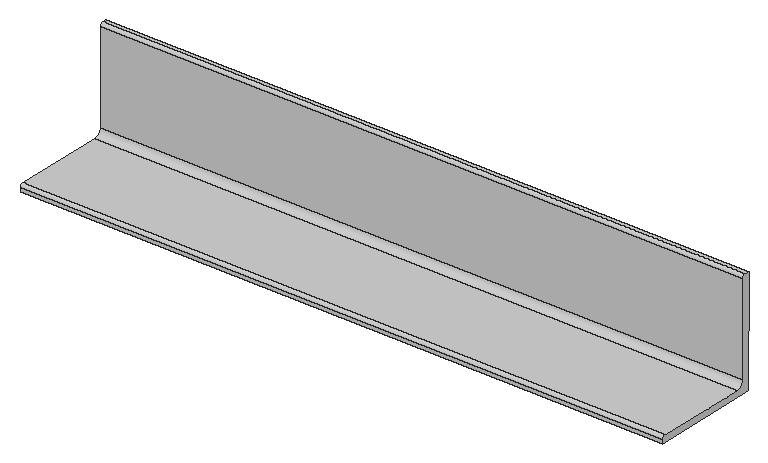
Revit family "cf711482103d443c8cde46c6bda098be", category Structural Framing, Revit 2021
Family settings
  Structural Framing Length Roundoff = 0' - 0"
  Section Shape = L-angle
  Material for Model Behavior = Steel
  Always export as geometry = No
  Family Name Key = L Equal Angles
  Code Name = AISC 14.1
  OmniClass Number = 23.25.30.11.14.14
  OmniClass Title = Beams
  Seek Item ID = L-Angle-0000-USA-ENU
  Always vertical = Yes
  Cut with Voids When Loaded = No
  Symbolic Representation = From Project Settings
  Shared = No
  Show family pre-cut in plan views = Yes
Parameters (values of type "L8X8X1/2")
  Width = 0' - 8"
  Web Thickness = 0.5000"
  Web Fillet = 0.5000"
  Warping Constant = 3.230000 in⁶
  Torsional Moment of Inertia = 0.68300 in⁴
  Torsional Modulus = 0.000 in³
  Top Web Fillet = 0.2500"
  Structural Material [instance] = Steel ASTM A36
  Section Name Key = ""
  Section Area = 7.840 in²
  Principal Axes Angle = 45.00°
  Plastic Modulus weak axis = 15.100 in³
  Plastic Modulus strong axis = 15.100 in³
  Nominal Weight = 26.40 lbf/ft
  Moment of Inertia weak axis = 48.80000 in⁴
  Moment of Inertia strong axis = 48.80000 in⁴
  Height = 0' - 8"
  Flange Thickness = 0.5000"
  Flange Fillet = 0.2500"
  Elastic Modulus weak axis = 8.360 in³
  Elastic Modulus strong axis = 8.360 in³
  Centroid Vertical = 0' - 2.17"
  Centroid Horizontal = 0' - 2.17"
  Bolt Spacing Shorter Flange = 0' - 4 1/2"
  Bolt Spacing 2 Longer Flange = 0' - 0"
  Bolt Spacing 1 Longer Flange = 0' - 4 1/2"
  Assembly Code = "B10"
  Length [instance] = 5' - 0"
Reference planes (in)
  plane 1 "Center (Front/Back)": y = 0
  plane 2: z = 0
  plane 3 "Center (Left/Right)": x = 0.1815
  plane 4 "Member Left": x = -23.8185
  plane 5 "Member Right": x = 24.1815
  plane 6 "Left": x = -29.8185
  plane 7 "Right": x = 30.1815
  plane 8: z = 5.83
  plane 9: z = -2.17
  plane 10: y = 2.17
  plane 11: y = -5.83
Forms (in)
  Sweep 1, solid, material "Steel ASTM A36" <- "Structural Material", detail levels fine
    path origin (0, 0, 0) x (1, 0, 0) y (0, 1, 0)
      loop
        line (-23.8185, 0) -> (24.1815, 0)
    profile "L-Angle-Profile-Fine : L-Angle-Profile-Fine" origin (0.1815, 0, 0) x (0, 1, 0) y (0, 0, 1)
      loop
        line (2.17, 5.83) -> (1.92, 5.83)
        arc (1.92, 5.83) -> (1.74322, 5.75678) -> (1.67, 5.58) r 0.25
        line (1.67, 5.58) -> (1.67, -1.17)
        arc (1.67, -1.17) -> (1.52355, -1.52355) -> (1.17, -1.67) r 0.5
        line (1.17, -1.67) -> (-5.58, -1.67)
        arc (-5.58, -1.67) -> (-5.75678, -1.74322) -> (-5.83, -1.92) r 0.25
        line (-5.83, -1.92) -> (-5.83, -2.17) -> (2.17, -2.17) -> (2.17, 5.83)
  Sweep 2, solid, material "Steel ASTM A36" <- "Structural Material", detail levels medium
    path origin (0, 0, 0) x (1, 0, 0) y (0, 1, 0)
      loop
        line (-23.8185, 0) -> (24.1815, 0)
    profile "L-Angle-Profile-Medium : L-Angle-Profile-Medium" origin (0.1815, 0, 0) x (0, 1, 0) y (0, 0, 1)
      loop
        line (2.17, 5.83) -> (1.67, 5.83) -> (1.67, -1.67) -> (-5.83, -1.67) -> (-5.83, -2.17) -> (2.17, -2.17) -> (2.17, 5.83)
Lines and regions (in)
  symbolic lines, style "Hidden Faces", detail levels medium+fine
    curve 1: line (-23.8185, 0, -1.67) -> (24.1815, 0, -1.67)
    curve 2: line (-23.8185, 1.67, 0) -> (24.1815, 1.67, 0)
  symbolic lines, style "Stick Symbols", detail levels coarse
    curve 3: line (0.1815, 2.17, 5.83) -> (0.1815, 2.17, -2.17)
    curve 4: line (0.1815, 2.17, -2.17) -> (0.1815, -5.83, -2.17)
Dimensions and locks (in)
  "Length": plane 6 "Left" to plane 7 "Right"
  "Width": plane 10 to plane 11
  "Height": plane 8 to plane 9
  "Centroid Horizontal": plane 10 to plane 1 "Center (Front/Back)"
  "Centroid Vertical": level to plane 9
  aligned and locked: plane 4 "Member Left" to curve 1
  aligned and locked: plane 5 "Member Right" to curve 1
  aligned and locked: plane 4 "Member Left" to Sweep 1 sketch curve
  aligned and locked: plane 1 "Center (Front/Back)" to Sweep 1 sketch curve
  aligned and locked: plane 5 "Member Right" to Sweep 1 sketch curve
  aligned and locked: plane 4 "Member Left" to Sweep 2 sketch curve
  aligned and locked: plane 5 "Member Right" to Sweep 2 sketch curve
  aligned and locked: plane 1 "Center (Front/Back)" to Sweep 2 sketch curve
  aligned and locked: plane 8 to curve 3
  aligned and locked: plane 10 to curve 3
  aligned and locked: curve 4 to plane 9
  aligned and locked: plane 11 to curve 4
  aligned and locked: plane 10 to curve 4
  aligned and locked: Sweep 2 to curve 2
  aligned and locked: plane 4 "Member Left" to curve 2
  aligned and locked: plane 5 "Member Right" to curve 2
  aligned and locked: curve 1 to Sweep 2
